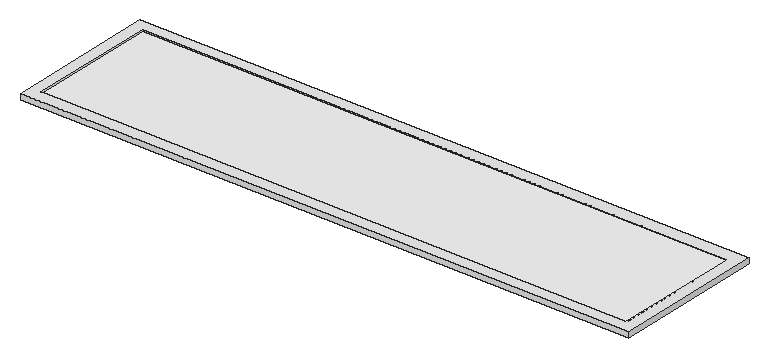
Revit family "0047438 Feilo Sylvania Lighting Fixtures START FLAT PANEL LED 1200 NW", category Lighting Fixtures, host Face, Revit 2017
Family settings
  Host = Face
  Round Connector Dimension = Use Diameter
  Part Type = Normal
  OmniClass Number = 23.80.70.00
  OmniClass Title = Lighting
  Cut with Voids When Loaded = No
  Light Source = Yes
  Shared = No
  Room Calculation Point = No
Parameters (values of type "0047438 START FLAT PANEL LED 1200 NW")
  Weight = "6.38 kg"
  Wattage Comments = "n/a"
  Wattage = 45 W
  WarrantyStartDate [instance] = "n/a"
  WarrantyGuarantorParts = "n/a"
  WarrantyDurationUnit = "n/a"
  WarrantyDurationParts = "n/a"
  WarrantyDescription = "n/a"
  built-in parameter 1150110 = 1 (stored number, unit not read)
  Voltage = 230 V
  URL = "http://www.sylvania-lighting.com"
  TypeName = "START FLAT PANEL LED 1200 NW"
  Type Image = <None>
  Type Comments = "n/a"
  built-in parameter 1114217 = 1 (stored number, unit not read)
  Tilt Angle = -90.00°
  built-in parameter 1150109 = 1 (stored number, unit not read)
  built-in parameter 1150134 = 12
  built-in parameter 1150113 = 1 (stored number, unit not read)
  SerialNumber [instance] = "n/a"
  ReflectorMaterial = none
  PowerFactor = 0
  PowerConsumption = "45 W"
  Photometric Web File = "0047438.ies"
  NominalLength = 1195 mm
  NominalHeight = 10.5 mm
  NominalDepth = 295 mm
  Name = "START FLAT PANEL LED 1200 NW"
  ModelReference = Name  # "START FLAT PANEL LED 1200 NW"
  ModelNumber = "0047438"
  Model = Name  # "START FLAT PANEL LED 1200 NW"
  Material = "powder coated steel housing, acrylic pmma diffuser"
  ManufacturerName = "Feilo Sylvania"
  Manufacturer = "Feilo Sylvania"
  LuminousEfficacy = "82 lm/W"
  built-in parameter 1150105 = 293.64 (stored number, unit not read)
  Lumens = 3690 lm
  LuminaireType = ""
  built-in parameter 1150115 = 1 (stored number, unit not read)
  LightOutputRatio = "100"
  built-in parameter 1150137 = (empty or 0)
  built-in parameter 1150139 = (empty or 0)
  LampsType = Lamp  # "LED"
  LampNominalLuminous = "3700 lm"
  LampMacAdamStep = "n/a"
  LampColourTemperature = "4000 K"
  LampColourRenderingIndex = "0"
  built-in parameter 1150112 = 1 (stored number, unit not read)
  built-in parameter 1150114 = 1 (stored number, unit not read)
  Lamp = "LED"
  Keynote = "16500"
  InstallationDate [instance] = "n/a"
  InputVoltage = "220-240V~"
  InputNominalFrequency = "n/a"
  built-in parameter 1150132 = (empty or 0)
  built-in parameter 1150102 = (empty or 0)
  built-in parameter 1150107 = 4000 (stored number, unit not read)
  built-in parameter 1150138 = (empty or 0)
  IngressProtection = "IP20"
  ImpactProtectionIndex = "IK05"
  built-in parameter 1150106 = 2.9364 (stored number, unit not read)
  IfcExportType = "IfcLightFixtureType"
  IfcExportAs = "IfcLightFixtureType"
  ExpectedLife = 50000
  Emit from Rectangle Width = 251 mm
  Emit from Rectangle Length = 1152 mm
  Emit Shape Visible in Rendering = no
  ElectricShockClassification = "Class II"
  built-in parameter 1150104 = 7.618 (stored number, unit not read)
  DurationUnit = "hours"
  DocumentationLiterature = "http://www.sylvania-lighting.com/product/en-int/products/0047438"
  DimmingControlOptions = "n/a"
  Dimming Lamp Color Temperature Shift = <None>
  DiffuserMaterial = Diffuser-Sylvania-StartFlat1200x300-PMMA
  Description = "Edge lit LED flat panel. 45W Neutral White 4000K 1200x300mm, 3700 lumens 82lm/W, 40,000hrs lifetime (L70), 10.5mm height, PMMA diffuser, aluminium frame, steel body, electronic non-dimmable driver."
  Default Elevation = 1219.2 mm
  CreatedOn = "23/11/2017"
  CreatedBy = ""
  Cost = 0
  Color Filter = 16777215
  built-in parameter 1114216 [instance] = (empty or 0)
  ClassificationValue = "EF_70_80"
  ClassificationName = "Uniclass2015"
  BodyMaterial = Body-Sylvania-StartFlat1200x300-AluminiumFrame
  BarCode [instance] = "n/a"
  built-in parameter 1114218 = 1 (stored number, unit not read)
  built-in parameter 1150133 = 10 (stored number, unit not read)
  AssetType = "Fixed"
  AssetIdentifier [instance] = "n/a"
  Assembly Code = "D5020200"
  Apparent Load = 45 VA
  AccessoryMaterial = none
Reference planes
  plane 1 "Center (Front/Back)": y = 0
  plane 2: z = 0
  plane 3 "Center (Left/Right)": x = 0
  plane 4: y = 147.5
  plane 5: y = -147.5
  plane 6: x = 598
  plane 7: x = -598
  plane 8: z = 10.5
  plane 9: x = -576
  plane 10: y = 125.5
  plane 11: y = -125.5
  plane 12: x = 576
  plane 13: z = 8.5
Forms (mm)
  Extrusion 1, solid, material "Body-Sylvania-StartFlat1200x300-AluminiumFrame" <- "BodyMaterial"
    sketch origin (0, 0, 0) x (1, 0, 0) y (0, 1, 0)
      loop
        line (-598, 147.5) -> (-598, -147.5) -> (598, -147.5) -> (598, 147.5) -> (-598, 147.5)
      loop
        line (-576, -125.5) -> (576, -125.5) -> (576, 125.5) -> (-576, 125.5) -> (-576, -125.5)
    from 0 to 10.5
  Extrusion 2, solid, material "Diffuser-Sylvania-StartFlat1200x300-PMMA" <- "DiffuserMaterial"
    sketch origin (0, 0, 0) x (1, 0, 0) y (0, 1, 0)
      loop
        line (-576, 125.5) -> (-576, -125.5) -> (576, -125.5) -> (576, 125.5) -> (-576, 125.5)
    from 0 to 8.5
Dimensions and locks
  equal spacing: plane 5, plane 1 "Center (Front/Back)", plane 4
  locked: plane 5 to plane 4 at 295
  equal spacing: plane 7, plane 3 "Center (Left/Right)", plane 6
  locked: plane 7 to plane 6 at 1196
  locked: plane 8 to plane 2 at 10.5
  equal spacing: plane 11, plane 1 "Center (Front/Back)", plane 10
  equal spacing: plane 9, plane 3 "Center (Left/Right)", plane 12
  locked: plane 7 to plane 9 at 22
  locked: plane 10 to plane 4 at 22
  locked: plane 8 to plane 13 at 2
  aligned and locked: plane 2 to host face
  aligned and locked: level to host face
  aligned and locked: plane 4 to Extrusion 1 sketch curve
  aligned and locked: plane 7 to Extrusion 1 sketch curve
  aligned and locked: Extrusion 1 sketch curve to plane 5
  aligned and locked: Extrusion 1 sketch curve to plane 6
  aligned and locked: plane 11 to Extrusion 1 sketch curve
  aligned and locked: Extrusion 1 sketch curve to plane 9
  aligned and locked: Extrusion 1 sketch curve to plane 10
  aligned and locked: plane 12 to Extrusion 1 sketch curve
  aligned and locked: Extrusion 1 to plane 8
  aligned and locked: Extrusion 1 to level
  aligned and locked: Extrusion 2 sketch curve to Extrusion 1  (x4)
  aligned and locked: Extrusion 2 to level
  aligned and locked: Extrusion 2 to plane 13
  aligned and locked: plane 3 "Center (Left/Right)" to imposter light
  aligned and locked: imposter light to plane 13
  aligned and locked: imposter light to plane 1 "Center (Front/Back)"
Automatic sketch dimensions
  host sketch curve to host sketch curve = 2438.4 mm  (x2)
Connectors
  electrical at (0, 0, 0), driven by "Apparent Load", driven by "PowerFactor", driven by "Voltage"
    settings: index 1, voltage 230 V, apparent load 45 VA, apparent load phase1 0 VA, apparent load phase2 0 VA, apparent load phase3 0 VA, power factor 0, load classification "Lighting", number of poles 1, system type 30, power factor state 1, is connector primary yes, connector utility no, sub classification motor no, connector description ""
